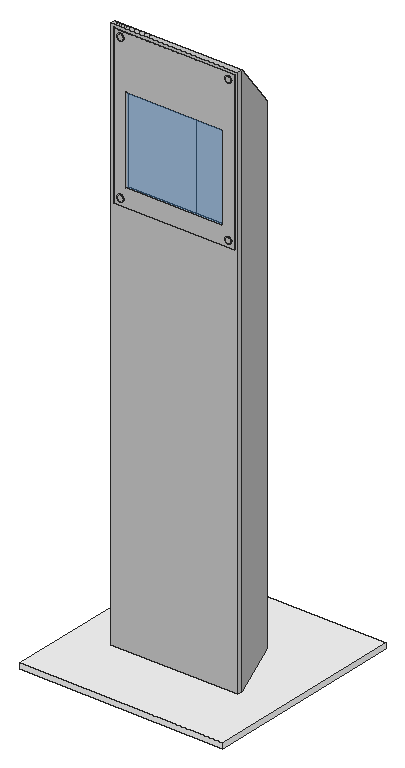
Revit family "BE_99560_de_DE", category Leuchten, Revit 2020
Family settings
  Basisbauteil = Fläche
  Bemaßung runder Anschluss = Durchmesser verwenden
  Teiletyp = Normal
  Beim Laden mit Abzugskörper schneiden = Ja
  Lichtquelle = Ja
  Gemeinsam genutzt = Nein
  Raumberechnungspunkt = Ja
Parameters (values of type "BEGA_99560_Silber_K4")
  built-in parameter 1150104 = 14.662 (stored number, unit not read)
  Wattage = 17.9 W
  Default Elevation = 0 mm
  built-in parameter 1150113 = 1 (stored number, unit not read)
  built-in parameter 1114218 = 1 (stored number, unit not read)
  Umgebungstemperatur = "25 °C"
  URL = "https://www.bega.com/de/produkt/99560"
  Typenkommentare = "© 2022 BEGA. Wir behalten uns das Recht vor, technische Änderungen ohne vorherige Ankündigung vorzunehmen."  # constant formula
  Type Image = 99560.png
  built-in parameter 1150134 = 12
  built-in parameter 1150109 = 1 (stored number, unit not read)
  Strom = ""
  built-in parameter 1150110 = 1 (stored number, unit not read)
  Spannung = 239.996 V
  Sonderanfertigung = no
  Seriennummer [instance] = "Hier können Sie die eindeutige Seriennummer für das Facility Management eintragen."
  Schutzklasse = "I"
  Schutzart = "IP 65"
  Scheinlast = 0 VA
  Produktdatenblatt = "https://cdn.bega.com/bega/products/99560K3/current/documents/data-sheets/de"
  Oberflächentemperatur = ""
  Neigungswinkel = 0.00°
  Modell = "99560AK4"
  Material_18 = BEGA_Gummi_schwarz
  Material_17 = BEGA_Reflektor
  Material_15 = BEGA_Leuchtmedium_matt
  Material_11 = BEGA_Glas_opal
  Material_10 = BEGA_Glas_matt
  Material_09 = BEGA_Glas_klar
  Material_06 = BEGA_Oberfläche_Edelstahl_gebürstet
  Material_03 = BEGA_Oberfläche_Weiss_matt
  Material_02 = BEGA_Oberfläche_Silber_matt
  Material_01 [instance] = BEGA_Oberfläche_Grafit_matt
  M_W = no
  M_G = no
  M_A = yes
  Logo = 0
  built-in parameter 1114217 = 1 (stored number, unit not read)
  built-in parameter 1150139 = (empty or 0)
  built-in parameter 1150105 = 224.8 (stored number, unit not read)
  built-in parameter 1150114 = 1 (stored number, unit not read)
  Lumens = 2824.98 lm
  built-in parameter 1150115 = 1 (stored number, unit not read)
  Leuchtenlichtstrom = "2043 lm"
  Leuchtenanzahl = ""
  Lebensdauerkriterien = "L70B50 @ 25 °C = 200000 h"
  Lastklassifizierung = Beleuchtung
  built-in parameter 1150112 = 1 (stored number, unit not read)
  Lampenlichtstrom = "3435 lm"
  Lampe = "LED 17.6 W"
  LED_Modulbezeichnung = "LED-0503/840"
  built-in parameter 1150142 = (empty or 0)
  Hersteller = "BEGA"  # constant formula
  Halbstreuwinkel = ""
  Gewicht = "9.3 kg"
  Gebrauchslageneinschränkung [instance] = ""
  Frequenz = "0/50-60 Hz"
  Farbwiedergabeindex = "CRI > 80"
  Farbtemperaturverschiebung bei Dämpfen der Lampe = <Keine Auswahl>
  Farbtemperatur = "4000 K"
  Farbfilter = 16777215
  Erdstück = no
  built-in parameter 1150133 = 10 (stored number, unit not read)
  Energieeffizienzklasse = "LED A++ - A"
  built-in parameter 1150137 = (empty or 0)
  built-in parameter 1150132 = (empty or 0)
  ENEC = "ja"
  Dimmbar [instance] = "DALI"
  Datei für fotometrisches Netz = "BE_99560K4.IES"
  CE_Konformität = "ja"
  Bestellnummer_Erdstück = if(Erdstück, "70895", "---")  # "---"
  Bestellnummer = "99560AK4"
  Beschreibung_Sonderanfertigung = "Hier können Sie Informationen zur Sonderanfertigung eintragen."
  Beschreibung = "Pollerleuchte"
  built-in parameter 1150106 = 2.248 (stored number, unit not read)
  Befestigungsbohrung = ""
  Befestigungsabstand = ""
  Ballwurfsicher = ""
  BEGA_Intern_aus = yes
  BEGA_Intern_an = yes
  BEGA_Intern_Konstruktion = yes
  BEGA_Intern = yes
  BEGA_IES = yes
  BEGA_Dummy = no
  Anschlussleitung = ""
  Anschlussleistung [instance] = "21.2 W"
  Anschlusskasten = ""
  built-in parameter 1150107 = 4000 (stored number, unit not read)
  built-in parameter 1150102 = (empty or 0)
  built-in parameter 1150138 = (empty or 0)
  Aktualisierung = "2022-05-20T04:00:08"
  Abstand_zur_angestrahlten_Fläche [instance] = ""
  AC/DC = "AC/DC"
Types (4, lengths in mm): name | built-in parameter 1150104 | built-in parameter 1150134 | Modell | M_G | M_A | built-in parameter 1150105 | Lumens | Leuchtenlichtstrom | Lampenlichtstrom | LED_Modulbezeichnung | Farbtemperatur | Datei für fotometrisches Netz | Bestellnummer | built-in parameter 1150106 | built-in parameter 1150107
  BEGA_99560_Grafit_K3 | 14.221 (stored number, unit not read) | (empty or 0) | "99560K3" | yes | no | 218.04 (stored number, unit not read) | 2739.95 lm | "1987 lm" | "3340 lm" | "LED-0503/830" | "3000 K" | "BE_99560K3.IES" | "99560K3" | 2.1804 (stored number, unit not read) | 3000 (stored number, unit not read)
  BEGA_99560_Grafit_K4 | 14.662 (stored number, unit not read) | 12 | "99560K4" | yes | no | 224.8 (stored number, unit not read) | 2824.98 lm | "2043 lm" | "3435 lm" | "LED-0503/840" | "4000 K" | "BE_99560K4.IES" | "99560K4" | 2.248 (stored number, unit not read) | 4000 (stored number, unit not read)
  BEGA_99560_Silber_K4 | 14.662 (stored number, unit not read) | 12 | "99560AK4" | no | yes | 224.8 (stored number, unit not read) | 2824.98 lm | "2043 lm" | "3435 lm" | "LED-0503/840" | "4000 K" | "BE_99560K4.IES" | "99560AK4" | 2.248 (stored number, unit not read) | 4000 (stored number, unit not read)
  BEGA_99560_Silber_K3 | 14.221 (stored number, unit not read) | (empty or 0) | "99560AK3" | no | yes | 218.04 (stored number, unit not read) | 2739.95 lm | "1987 lm" | "3340 lm" | "LED-0503/830" | "3000 K" | "BE_99560K3.IES" | "99560AK3" | 2.1804 (stored number, unit not read) | 3000 (stored number, unit not read)
Reference planes
  plane 1 "Mitte (Vorne/Hinten)": y = 0
  plane 2: z = 0
  plane 3 "Mitte (Links/Rechts)": x = 0
  plane 4 "Links": x = -125
  plane 5 "Rechts": x = 125
  plane 6 "Unten": y = -70
  plane 7 "Oben": y = 69.957
  plane 8 "Vorne": z = 1099.75
  plane 9 "Hinten": z = 0
Forms (mm)
  Extrusion 1, solid, material "BEGA_Platte_Weiss"
    sketch origin (0, -1119.2, 0) x (1, 0, 0) y (0, 1, 0)
      loop
        line (-200, 1319.2) -> (-200, 919.2) -> (200, 919.2) -> (200, 1319.2) -> (-200, 1319.2)
    from 0 to -10
  Extrusion 2, solid, material "BEGA_Dummy_matt", visible <- "BEGA_Dummy"
    sketch origin (80.095, -76.023, 0) x (1, 0, 0) y (0, 1, 0)
      loop
        line (-205.095, 145.98) -> (-205.095, 6.023) -> (44.905, 6.023) -> (44.905, 145.98) -> (-205.095, 145.98)
    from 0 to 1099.75
Dimensions and locks
  plane 1 "Mitte (Vorne/Hinten)" to Extrusion 1 = 200 mm
  aligned and locked: plane 2 to Extrusion 1
  aligned and locked: level to Extrusion 1
Nested families
  nested 1: "BE_99560" at (0, 0, 0), type "BE_99560"
Connectors
  electrical at (0, 0, 0), driven by "Lastklassifizierung", driven by "Spannung", driven by "Scheinlast"
    settings: index 1, voltage 239.996 V, apparent load 0 VA, apparent load phase1 0 VA, apparent load phase2 0 VA, apparent load phase3 0 VA, power factor 1, load classification "Beleuchtung", number of poles 1, system type 31, power factor state 1, is connector primary yes, connector utility no, sub classification motor no, connector description ""
Definition of nested family "BE_99560"
  Parameters (values of type "BE_99560")
    Default Elevation = 1 mm
    URL = "http://www.bega.de/de/produkt"
    Type Comments = "© 2015 BEGA. Wir behalten uns das Recht vor, technische Änderungen ohne vorherige Ankündigung vorzunehmen. "  # constant formula
    Type Image = (empty or 0)
    Material_18 = none
    Material_17 = none
    Material_15 = none
    Material_11 = none
    Material_10 = none
    Material_09 = none
    Material_06 = none
    Material_03 = none
    Material_02 = none
    Material_01 = none
    M_W = yes
    M_G = yes
    M_A = yes
    Länge_Platte = 400 mm  # constant formula
    Höhe_Platte = -10 mm  # constant formula
    Manufacturer = "BEGA"  # constant formula
    Breite_Platte = 200 mm  # constant formula
  Reference planes
    plane 1 "Mitte (Oben/Unten)": y = 0
    plane 2: z = 0
    plane 3 "Mitte (Links/Rechts)": x = 0
    plane 4: x = -125
    plane 5: x = 125
    plane 6: z = 1099.75
    plane 7: y = 69.957
    plane 8: y = -69.957
  Forms (mm)
    Extrusion 1, solid, detail levels medium
      sketch origin (0, 0, 0) x (1, 0, 0) y (0, 1, 0)
        loop
          line (-200, 100) -> (-200, -100) -> (200, -100) -> (200, 100) -> (-200, 100)
      from 0 to -10 <- "Höhe_Platte"
    Revolve 2, solid, material <- "Material_01", visible <- "M_G", detail levels medium+fine
      sketch origin (0, 0, 0) x (0, 1, 0) y (0, 0, 1)
        loop
          line (64.999, 0) -> (64.999, 5) -> (0, 5) -> (0, 0) -> (64.999, 0)
        axis (0, 0) -> (0, 5)
      angle from 0 to 360
    Extrusion 3, void
      sketch origin (0, 0, 0) x (1, 0, 0) y (0, 1, 0)
        loop
          arc (10.611, 37.027) -> (-0.007, 38.517) -> (-10.625, 37.023) r 38.517
          arc (-10.625, 37.023) -> (-13.028, 32.671) -> (-8.678, 30.263) r 3.517
          arc (-8.678, 30.263) -> (0, 31.483) -> (8.677, 30.263) r 31.483
          arc (8.677, 30.263) -> (13.029, 32.677) -> (10.611, 37.027) r 3.517
        loop
          arc (-30.55, -7.606) -> (-34.816, -5.056) -> (-37.373, -9.319) r 3.517
          arc (-37.373, -9.319) -> (-33.355, -19.262) -> (-26.752, -27.711) r 38.517
          arc (-26.752, -27.711) -> (-21.78, -27.619) -> (-21.869, -22.647) r 3.517
          arc (-21.869, -22.647) -> (-27.267, -15.737) -> (-30.55, -7.606) r 31.483
        loop
          arc (37.376, -9.31) -> (34.808, -5.053) -> (30.548, -7.616) r 3.517
          arc (30.548, -7.616) -> (27.264, -15.743) -> (21.866, -22.65) r 31.483
          arc (21.866, -22.65) -> (21.785, -27.622) -> (26.757, -27.707) r 3.517
          arc (26.757, -27.707) -> (33.36, -19.255) -> (37.376, -9.31) r 38.517
        loop
          arc (-12.536, -43.72) -> (-18.13, -46.827) -> (-15.014, -52.416) r 4.521
          arc (-15.014, -52.416) -> (0.001, -54.524) -> (15.016, -52.416) r 54.519
          arc (15.016, -52.416) -> (18.131, -46.826) -> (12.537, -43.719) r 4.521
          arc (12.537, -43.719) -> (0.001, -45.481) -> (-12.536, -43.72) r 45.489
        loop
          arc (44.131, 11.004) -> (49.615, 7.712) -> (52.902, 13.199) r 4.521
          arc (52.902, 13.199) -> (47.217, 27.266) -> (37.876, 39.221) r 54.52
          arc (37.876, 39.221) -> (31.483, 39.11) -> (31.594, 32.717) r 4.521
          arc (31.594, 32.717) -> (39.388, 22.741) -> (44.131, 11.004) r 45.489
        loop
          arc (-31.594, 32.716) -> (-31.486, 39.112) -> (-37.881, 39.216) r 4.521
          arc (-37.881, 39.216) -> (-47.218, 27.265) -> (-52.901, 13.204) r 54.519
          arc (-52.901, 13.204) -> (-49.619, 7.711) -> (-44.131, 11.002) r 4.521
          arc (-44.131, 11.002) -> (-39.388, 22.74) -> (-31.594, 32.716) r 45.489
        loop
          circle (0, 0) r 21.5
      from 0 to 8.574
    Extrusion 4, solid, material <- "Material_01", visible <- "M_G", detail levels medium+fine
      sketch origin (0, 0, 0) x (1, 0, 0) y (0, 1, 0)
        loop
          line (-125, -60.824) -> (-125, -70) -> (125, -70) -> (125, -60.828) -> (69.45, 70) -> (-69.45, 70) -> (-125, -60.824)
        loop
          line (-67.5, 67.7) -> (-121.7, -59.945) -> (-121.7, -66.7) -> (121.7, -66.7) -> (121.7, -59.945) -> (67.5, 67.7) -> (-67.5, 67.7)
      from 2 to 1099.75
    Extrusion 5, void
      sketch origin (0, 0, 0) x (0, 1, 0) y (0, 0, 1)
        loop
          line (-65, 1104.401) -> (75, 964.401) -> (75, 1104.401) -> (-65, 1104.401)
      from -133.772 to 134.901
    Extrusion 6, void
      sketch origin (0, 0, 0) x (1, 0, 0) y (0, 0, 1)
        loop
          line (-119, 783.882) -> (119, 783.882) -> (119, 1093.75) -> (-119, 1093.75) -> (-119, 783.882)
      from 60.824 to 80.304
    Extrusion 7, solid, material <- "Material_01", visible <- "M_G", detail levels medium+fine
      sketch origin (0, 0, 0) x (0, 1, 0) y (0, 0, 1)
        loop
          line (-60.349, 1099.75) -> (-68.677, 1099.75) -> (-68.677, 1096.398) -> (-60.824, 1096.398) -> (68.087, 967.487) -> (70, 969.401) -> (-60.349, 1099.75)
      from -125 to 125
    Extrusion 8, void
      sketch origin (0, 0, 0) x (1, 0, 0) y (0, 1, 0)
        loop
          line (-67.327, 75) -> (-129.45, 75) -> (-129.45, -71.304) -> (-67.327, 75)
        loop
          line (67.327, 75) -> (129.45, -71.304) -> (129.45, 75) -> (67.327, 75)
      from 934.807 to 1118.812
    Extrusion 9, solid, material <- "Material_01", visible <- "M_G", detail levels medium+fine
      sketch origin (0, 0, 0) x (1, 0, 0) y (0, 0, 1)
        loop
          line (-118.717, 784.161) -> (118.717, 784.161) -> (118.717, 1093.45) -> (-118.717, 1093.45) -> (-118.717, 784.161)
        loop
          line (-95.896, 987.715) -> (-95.896, 818.487) -> (95.896, 818.487) -> (95.896, 987.715) -> (-95.896, 987.715)
      from 64.232 to 70
    Extrusion 10, solid, material <- "Material_01", visible <- "M_G", detail levels medium+fine
      sketch origin (0, 0, 0) x (1, 0, 0) y (0, 1, 0)
        loop
          circle (0, 0) r 64.999
        loop
          line (-121.7, -59.945) -> (-121.7, -66.7) -> (121.7, -66.7) -> (121.7, -59.945) -> (67.5, 67.7) -> (-67.5, 67.7) -> (-121.7, -59.945)
      from 5 to 15.378
    Revolve 11, void
      sketch origin (0, 0, 0) x (0, 1, 0) y (0, 0, 1)
        loop
          line (70.24, 25.694) -> (66.535, 25.694) -> (66.535, 21.494) -> (70.24, 21.494) -> (70.24, 25.694)
        axis (70.24, 21.494) -> (66.535, 21.494)
      angle from 0 to 360
    Revolve 12, solid, material <- "Material_06", detail levels fine
      sketch origin (0, 0, 0) x (0, 1, 0) y (0, 0, 1)
        loop
          line (70.639, 25.494) -> (67.7, 25.494) -> (67.7, 21.494) -> (71.239, 21.494) -> (71.239, 24.894) -> (70.639, 25.494)
        axis (71.239, 21.494) -> (67.7, 21.494)
      angle from 0 to 360
    Extrusion 13, solid, material <- "Material_06", detail levels fine
      sketch origin (0, 0, 0) x (1, 0, 0) y (0, 0, 1)
        loop
          circle (-106.227, 1080.977) r 6
        loop
          circle (-106.227, 796.655) r 6
        loop
          circle (106.227, 1080.977) r 6
        loop
          circle (106.227, 796.655) r 6
      from 66.7 to 70
    Revolve 14, void
      sketch origin (-106.227, 0, 0) x (0, 1, 0) y (0, 0, 1)
        loop
          line (-66.3, 1083.827) -> (-70.517, 1088.043) -> (-70.517, 1080.977) -> (-66.3, 1080.977) -> (-66.3, 1083.827)
        axis (-70.517, 1080.977) -> (-66.3, 1080.977)
      angle from 0 to 360
    Revolve 15, void
      sketch origin (106.227, 0, 0) x (0, 1, 0) y (0, 0, -1)
        loop
          line (-66.3, -1083.827) -> (-66.3, -1080.977) -> (-70.517, -1080.977) -> (-70.517, -1088.043) -> (-66.3, -1083.827)
        axis (-70.517, -1080.977) -> (-66.3, -1080.977)
      angle from 0 to 360
    Revolve 16, void
      sketch origin (-106.227, 0, -284.322) x (0, 1, 0) y (0, 0, 1)
        loop
          line (-66.3, 1083.827) -> (-70.517, 1088.043) -> (-70.517, 1080.977) -> (-66.3, 1080.977) -> (-66.3, 1083.827)
        axis (-70.517, 1080.977) -> (-66.3, 1080.977)
      angle from 0 to 360
    Revolve 17, void
      sketch origin (106.227, 0, -284.322) x (0, 1, 0) y (0, 0, -1)
        loop
          line (-66.3, -1083.827) -> (-66.3, -1080.977) -> (-70.517, -1080.977) -> (-70.517, -1088.043) -> (-66.3, -1083.827)
        axis (-70.517, -1080.977) -> (-66.3, -1080.977)
      angle from 0 to 360
    Revolve 18, solid, material <- "Material_02", visible <- "M_A", detail levels medium+fine
      sketch origin (0, 0, 0) x (0, 1, 0) y (0, 0, 1)
        loop
          line (64.999, 0) -> (64.999, 5) -> (0, 5) -> (0, 0) -> (64.999, 0)
        axis (0, 0) -> (0, 5)
      angle from 0 to 360
    Extrusion 19, solid, material <- "Material_02", visible <- "M_A", detail levels medium+fine
      sketch origin (0, 0, 0) x (1, 0, 0) y (0, 1, 0)
        loop
          line (-125, -60.824) -> (-125, -70) -> (125, -70) -> (125, -60.828) -> (69.45, 70) -> (-69.45, 70) -> (-125, -60.824)
        loop
          line (-67.5, 67.7) -> (-121.7, -59.945) -> (-121.7, -66.7) -> (121.7, -66.7) -> (121.7, -59.945) -> (67.5, 67.7) -> (-67.5, 67.7)
      from 2 to 1099.75
    Extrusion 20, solid, material <- "Material_02", visible <- "M_A", detail levels medium+fine
      sketch origin (0, 0, 0) x (0, 1, 0) y (0, 0, 1)
        loop
          line (-60.349, 1099.75) -> (-68.677, 1099.75) -> (-68.677, 1096.398) -> (-60.824, 1096.398) -> (68.087, 967.487) -> (70, 969.401) -> (-60.349, 1099.75)
      from -125 to 125
    Extrusion 21, solid, material <- "Material_02", visible <- "M_A", detail levels medium+fine
      sketch origin (0, 0, 0) x (1, 0, 0) y (0, 1, 0)
        loop
          circle (0, 0) r 64.999
        loop
          line (-121.7, -59.945) -> (-121.7, -66.7) -> (121.7, -66.7) -> (121.7, -59.945) -> (67.5, 67.7) -> (-67.5, 67.7) -> (-121.7, -59.945)
      from 5 to 15.378
    Extrusion 22, void
      sketch origin (0, 0, 0) x (1, 0, 0) y (0, 1, 0)
        loop
          line (-67.327, 75) -> (-129.45, 75) -> (-129.45, -71.304) -> (-67.327, 75)
        loop
          line (67.327, 75) -> (129.45, -71.304) -> (129.45, 75) -> (67.327, 75)
      from 934.807 to 1118.812
    Extrusion 23, solid, material <- "Material_02", visible <- "M_A", detail levels medium+fine
      sketch origin (0, 0, 0) x (1, 0, 0) y (0, 0, 1)
        loop
          line (-118.717, 784.161) -> (118.717, 784.161) -> (118.717, 1093.45) -> (-118.717, 1093.45) -> (-118.717, 784.161)
        loop
          line (-95.896, 987.715) -> (-95.896, 818.487) -> (95.896, 818.487) -> (95.896, 987.715) -> (-95.896, 987.715)
      from 64.232 to 70
    Extrusion 24, solid, material <- "Material_10", detail levels medium+fine
      sketch origin (0, 0, 0) x (0, 1, 0) y (0, 0, 1)
        loop
          line (-61.973, 991.833) -> (-66.973, 991.833) -> (-66.973, 814.333) -> (-61.973, 814.333) -> (-61.973, 991.833)
      from -99.946 to 100
  Cuts and joins
    Extrusion 3 cuts Revolve 2
    Extrusion 5, Extrusion 6, Extrusion 8, Revolve 11, Extrusion 22 cuts Extrusion 4
    Extrusion 8, Revolve 11, Extrusion 22 cuts Extrusion 7
    Revolve 11, Extrusion 22 cuts Extrusion 10
    joined: Extrusion 4, Extrusion 7, Extrusion 10
    Revolve 14, Revolve 15, Revolve 16, Revolve 17 cuts Extrusion 9
    Extrusion 3 cuts Revolve 18
    Extrusion 5, Extrusion 6, Revolve 11, Extrusion 22 cuts Extrusion 19
    Extrusion 22 cuts Extrusion 20
    joined: Extrusion 19, Extrusion 20, Extrusion 21
    Revolve 14, Revolve 15, Revolve 16, Revolve 17 cuts Extrusion 23
  Dimensions and locks
    equal spacing: Extrusion 1 sketch curve, plane 3 "Mitte (Links/Rechts)", Extrusion 1 sketch curve
    equal spacing: Extrusion 1 sketch curve, plane 1 "Mitte (Oben/Unten)", Extrusion 1 sketch curve
    "Länge_Platte": Extrusion 1 sketch curve to Extrusion 1 sketch curve
    "Breite_Platte": Extrusion 1 sketch curve to Extrusion 1 sketch curve
    aligned and locked: Extrusion 1 to plane 2
    aligned and locked: level to Extrusion 1
  Automatic sketch dimensions
    Revolve 2 sketch curve to level = 0 mm
    Revolve 2 sketch curve to plane 1 "Mitte (Oben/Unten)" = 0 mm  (x2)
    level to Revolve 2 sketch curve = 5 mm
    Revolve 2 sketch curve to Revolve 2 sketch curve = 64.999 mm
    Revolve 2 sketch curve to Revolve 2 sketch curve = 2.25 mm
    Revolve 2 sketch curve to Revolve 2 sketch curve = 3.611 mm
    Extrusion 3 sketch curve to Extrusion 3 sketch curve = 0 mm  (x27)
    plane 1 "Mitte (Oben/Unten)" to Extrusion 3 sketch curve = 0 mm  (x2)
    Extrusion 3 sketch curve to plane 1 "Mitte (Oben/Unten)" = 12.096 mm
    Extrusion 3 sketch curve to plane 3 "Mitte (Links/Rechts)" = 48.518 mm
    Extrusion 3 sketch curve to Extrusion 3 sketch curve = 13.782 mm
    plane 1 "Mitte (Oben/Unten)" to Extrusion 3 sketch curve = 8.468 mm
    Extrusion 3 sketch curve to Extrusion 3 sketch curve = 14.557 mm  (x2)
    Extrusion 3 sketch curve to Extrusion 3 sketch curve = 9.648 mm
    Extrusion 3 sketch curve to plane 3 "Mitte (Links/Rechts)" = 13.782 mm
    Extrusion 3 sketch curve to plane 3 "Mitte (Links/Rechts)" = 9.648 mm
    Extrusion 3 sketch curve to plane 3 "Mitte (Links/Rechts)" = 0.007 mm
    Extrusion 3 sketch curve to plane 3 "Mitte (Links/Rechts)" = 0.004 mm
    plane 3 "Mitte (Links/Rechts)" to Extrusion 3 sketch curve = 0 mm  (x3)
    Extrusion 3 sketch curve to plane 1 "Mitte (Oben/Unten)" = 0 mm  (x2)
    plane 3 "Mitte (Links/Rechts)" to Extrusion 3 sketch curve = 0.004 mm
    plane 3 "Mitte (Links/Rechts)" to Extrusion 3 sketch curve = 0.007 mm
    plane 3 "Mitte (Links/Rechts)" to Extrusion 3 sketch curve = 9.647 mm
    plane 3 "Mitte (Links/Rechts)" to Extrusion 3 sketch curve = 13.783 mm
    plane 3 "Mitte (Links/Rechts)" to Extrusion 3 sketch curve = 24.314 mm
    plane 1 "Mitte (Oben/Unten)" to Extrusion 3 sketch curve = 8.467 mm
    Extrusion 3 sketch curve to Extrusion 3 sketch curve = 9.647 mm
    Extrusion 3 sketch curve to Extrusion 3 sketch curve = 25.088 mm
    Extrusion 3 sketch curve to plane 1 "Mitte (Oben/Unten)" = 12.098 mm
    Extrusion 3 sketch curve to Extrusion 3 sketch curve = 16.71 mm
    Extrusion 3 sketch curve to Extrusion 3 sketch curve = 16.709 mm
    Extrusion 3 sketch curve to Extrusion 3 sketch curve = 22.889 mm  (x2)
    Extrusion 3 sketch curve to Extrusion 3 sketch curve = 0.005 mm  (x2)
    plane 1 "Mitte (Oben/Unten)" to Extrusion 3 sketch curve = 0.004 mm  (x2)
    Extrusion 3 sketch curve to plane 1 "Mitte (Oben/Unten)" = 0.002 mm
    Extrusion 3 sketch curve to plane 1 "Mitte (Oben/Unten)" = 0.003 mm
    Extrusion 3 sketch curve to plane 1 "Mitte (Oben/Unten)" = 33.644 mm
    Extrusion 3 sketch curve to Extrusion 3 sketch curve = 2.324 mm
    Extrusion 3 sketch curve to Extrusion 3 sketch curve = 2.325 mm
    Extrusion 3 sketch curve to Extrusion 3 sketch curve = 4.383 mm
    Extrusion 3 sketch curve to Extrusion 3 sketch curve = 4.387 mm  (x2)
    Extrusion 3 sketch curve to Extrusion 3 sketch curve = 3.146 mm
    Extrusion 3 sketch curve to Extrusion 3 sketch curve = 3.413 mm  (x2)
    Extrusion 3 sketch curve to Extrusion 3 sketch curve = 3.141 mm  (x3)
    Extrusion 3 sketch curve to Extrusion 3 sketch curve = 3.41 mm
    Extrusion 3 sketch curve to Extrusion 3 sketch curve = 2.439 mm
    Extrusion 3 sketch curve to Extrusion 3 sketch curve = 2.443 mm  (x2)
    Extrusion 3 sketch curve to Extrusion 3 sketch curve = 1.233 mm
    Extrusion 3 sketch curve to Extrusion 3 sketch curve = 1.246 mm  (x2)
    Extrusion 3 sketch curve to Extrusion 3 sketch curve = 0.977 mm
    Extrusion 3 sketch curve to Extrusion 3 sketch curve = 0.97 mm
    Extrusion 3 sketch curve to Extrusion 3 sketch curve = 0.969 mm
    Extrusion 3 sketch curve to Extrusion 3 sketch curve = 0.964 mm
    Extrusion 3 sketch curve to Extrusion 3 sketch curve = 1.232 mm
    Extrusion 3 sketch curve to Extrusion 3 sketch curve = 2.447 mm
    Extrusion 3 sketch curve to Extrusion 3 sketch curve = 0.001 mm
    Extrusion 3 sketch curve to Extrusion 3 sketch curve = 3.415 mm
    Extrusion 3 sketch curve to Extrusion 3 sketch curve = 4.385 mm
    Extrusion 3 sketch curve to Extrusion 3 sketch curve = 0.843 mm
    Extrusion 3 sketch curve to Extrusion 3 sketch curve = 0.851 mm
    Extrusion 3 sketch curve to Extrusion 3 sketch curve = 2.527 mm
    Extrusion 3 sketch curve to Extrusion 3 sketch curve = 4.346 mm
    Extrusion 3 sketch curve to Extrusion 3 sketch curve = 1.094 mm
    Extrusion 3 sketch curve to Extrusion 3 sketch curve = 3.381 mm
    plane 1 "Mitte (Oben/Unten)" to Extrusion 4 sketch curve = 60.824 mm
    Extrusion 4 sketch curve to plane 3 "Mitte (Links/Rechts)" = 125 mm
    Extrusion 4 sketch curve to Extrusion 4 sketch curve = 3.3 mm  (x3)
    Extrusion 4 sketch curve to plane 3 "Mitte (Links/Rechts)" = 69.45 mm
    Extrusion 4 sketch curve to Extrusion 4 sketch curve = 1.95 mm  (x2)
    plane 3 "Mitte (Links/Rechts)" to Extrusion 4 sketch curve = 67.5 mm
    plane 3 "Mitte (Links/Rechts)" to Extrusion 4 sketch curve = 121.7 mm
    plane 1 "Mitte (Oben/Unten)" to Extrusion 4 sketch curve = 60.828 mm
    Extrusion 4 sketch curve to Extrusion 4 sketch curve = 5.876 mm
    Extrusion 4 sketch curve to Extrusion 4 sketch curve = 0.883 mm
    Extrusion 4 sketch curve to Extrusion 4 sketch curve = 0.879 mm
    Extrusion 4 sketch curve to plane 1 "Mitte (Oben/Unten)" = 67.7 mm
    Extrusion 4 sketch curve to Extrusion 4 sketch curve = 2.3 mm
    plane 1 "Mitte (Oben/Unten)" to Extrusion 5 sketch curve = 65 mm
    Extrusion 5 sketch curve to plane 1 "Mitte (Oben/Unten)" = 75 mm
    level to Extrusion 5 sketch curve = 964.401 mm
    Extrusion 5 sketch curve to Extrusion 5 sketch curve = 140 mm
    Extrusion 6 sketch curve to plane 3 "Mitte (Links/Rechts)" = 119 mm
    plane 3 "Mitte (Links/Rechts)" to Extrusion 6 sketch curve = 119 mm
    level to Extrusion 6 sketch curve = 783.882 mm
    Extrusion 6 sketch curve to Extrusion 6 sketch curve = 309.868 mm
    plane 1 "Mitte (Oben/Unten)" to Extrusion 7 sketch curve = 68.677 mm
    Extrusion 7 sketch curve to Extrusion 7 sketch curve = 7.852 mm
    Extrusion 7 sketch curve to Extrusion 7 sketch curve = 0.475 mm
    Extrusion 7 sketch curve to plane 1 "Mitte (Oben/Unten)" = 68.087 mm
    Extrusion 7 sketch curve to Extrusion 7 sketch curve = 1.913 mm  (x2)
    level to Extrusion 7 sketch curve = 967.487 mm
    Extrusion 8 sketch curve to plane 3 "Mitte (Links/Rechts)" = 129.45 mm
    Extrusion 8 sketch curve to Extrusion 8 sketch curve = 62.123 mm  (x2)
    plane 3 "Mitte (Links/Rechts)" to Extrusion 8 sketch curve = 67.327 mm
    plane 1 "Mitte (Oben/Unten)" to Extrusion 8 sketch curve = 71.304 mm  (x2)
    Extrusion 8 sketch curve to plane 1 "Mitte (Oben/Unten)" = 75 mm  (x2)
    plane 1 "Mitte (Oben/Unten)" to Extrusion 10 sketch curve = 0 mm
    Extrusion 10 sketch curve to plane 3 "Mitte (Links/Rechts)" = 0 mm
    Extrusion 10 sketch curve to plane 3 "Mitte (Links/Rechts)" = 67.5 mm
    plane 1 "Mitte (Oben/Unten)" to Extrusion 10 sketch curve = 59.945 mm  (x2)
    Extrusion 10 sketch curve to plane 3 "Mitte (Links/Rechts)" = 121.7 mm
    plane 3 "Mitte (Links/Rechts)" to Extrusion 10 sketch curve = 67.5 mm
    plane 3 "Mitte (Links/Rechts)" to Extrusion 10 sketch curve = 121.7 mm
    Extrusion 10 sketch curve to Extrusion 10 sketch curve = 6.755 mm
    Extrusion 10 sketch curve to plane 1 "Mitte (Oben/Unten)" = 67.7 mm
    level to Revolve 11 sketch curve = 25.694 mm
    Revolve 11 sketch curve to plane 1 "Mitte (Oben/Unten)" = 66.535 mm
    Revolve 11 sketch curve to Revolve 11 sketch curve = 3.705 mm
    Revolve 11 sketch curve to Revolve 11 sketch curve = 4.2 mm
    Revolve 11 sketch curve to Revolve 11 sketch curve = 0 mm  (x3)
    level to Revolve 12 sketch curve = 21.494 mm
    Revolve 12 sketch curve to plane 1 "Mitte (Oben/Unten)" = 67.7 mm
    Revolve 12 sketch curve to Revolve 12 sketch curve = 2.939 mm
    Revolve 12 sketch curve to Revolve 12 sketch curve = 0.6 mm  (x2)
    Revolve 12 sketch curve to Revolve 12 sketch curve = 3.4 mm
    Revolve 12 sketch curve to Revolve 12 sketch curve = 0 mm  (x3)
    Extrusion 13 sketch curve to plane 3 "Mitte (Links/Rechts)" = 106.227 mm  (x2)
    plane 3 "Mitte (Links/Rechts)" to Extrusion 13 sketch curve = 106.227 mm  (x2)
    level to Extrusion 13 sketch curve = 796.655 mm
    Extrusion 13 sketch curve to Extrusion 13 sketch curve = 0 mm  (x2)
    Extrusion 13 sketch curve to Extrusion 13 sketch curve = 284.322 mm
    plane 1 "Mitte (Oben/Unten)" to Revolve 14 sketch curve = 70.517 mm
    Revolve 14 sketch curve to Revolve 14 sketch curve = 4.217 mm  (x2)
    Revolve 14 sketch curve to Revolve 14 sketch curve = 0 mm  (x3)
    level to Revolve 14 sketch curve = 1080.977 mm
    Revolve 14 sketch curve to Revolve 14 sketch curve = 2.85 mm
    Revolve 14 sketch curve to Revolve 14 sketch curve = 0.517 mm
    plane 1 "Mitte (Oben/Unten)" to Revolve 15 sketch curve = 70.517 mm
    Revolve 15 sketch curve to Revolve 15 sketch curve = 4.217 mm  (x2)
    Revolve 15 sketch curve to Revolve 15 sketch curve = 0 mm  (x3)
    level to Revolve 15 sketch curve = 1088.043 mm
    Revolve 15 sketch curve to Revolve 15 sketch curve = 2.85 mm
    Revolve 15 sketch curve to Revolve 15 sketch curve = 0.517 mm
    plane 1 "Mitte (Oben/Unten)" to Revolve 16 sketch curve = 70.517 mm
    Revolve 16 sketch curve to Revolve 16 sketch curve = 4.217 mm  (x2)
    Revolve 16 sketch curve to Revolve 16 sketch curve = 0 mm  (x3)
    level to Revolve 16 sketch curve = 796.655 mm
    Revolve 16 sketch curve to Revolve 16 sketch curve = 2.85 mm
    Revolve 16 sketch curve to Revolve 16 sketch curve = 0.517 mm
    plane 1 "Mitte (Oben/Unten)" to Revolve 17 sketch curve = 70.517 mm
    Revolve 17 sketch curve to Revolve 17 sketch curve = 4.217 mm  (x2)
    Revolve 17 sketch curve to Revolve 17 sketch curve = 0 mm  (x3)
    level to Revolve 17 sketch curve = 803.722 mm
    Revolve 17 sketch curve to Revolve 17 sketch curve = 2.85 mm
    Revolve 17 sketch curve to Revolve 17 sketch curve = 0.517 mm
    Revolve 18 sketch curve to level = 0 mm
    Revolve 18 sketch curve to plane 1 "Mitte (Oben/Unten)" = 0 mm  (x2)
    level to Revolve 18 sketch curve = 5 mm
    Revolve 18 sketch curve to Revolve 18 sketch curve = 64.999 mm
    Revolve 18 sketch curve to Revolve 18 sketch curve = 2.25 mm
    Revolve 18 sketch curve to Revolve 18 sketch curve = 3.611 mm
    plane 1 "Mitte (Oben/Unten)" to Extrusion 19 sketch curve = 60.824 mm
    Extrusion 19 sketch curve to plane 3 "Mitte (Links/Rechts)" = 125 mm
    Extrusion 19 sketch curve to Extrusion 19 sketch curve = 3.3 mm  (x3)
    Extrusion 19 sketch curve to plane 3 "Mitte (Links/Rechts)" = 69.45 mm
    Extrusion 19 sketch curve to Extrusion 19 sketch curve = 1.95 mm  (x2)
    plane 3 "Mitte (Links/Rechts)" to Extrusion 19 sketch curve = 67.5 mm
    plane 3 "Mitte (Links/Rechts)" to Extrusion 19 sketch curve = 121.7 mm
    plane 1 "Mitte (Oben/Unten)" to Extrusion 19 sketch curve = 60.828 mm
    Extrusion 19 sketch curve to Extrusion 19 sketch curve = 5.876 mm
    Extrusion 19 sketch curve to Extrusion 19 sketch curve = 0.883 mm
    Extrusion 19 sketch curve to Extrusion 19 sketch curve = 0.879 mm
    Extrusion 19 sketch curve to plane 1 "Mitte (Oben/Unten)" = 67.7 mm
    Extrusion 19 sketch curve to Extrusion 19 sketch curve = 2.3 mm
    plane 1 "Mitte (Oben/Unten)" to Extrusion 20 sketch curve = 68.677 mm
    Extrusion 20 sketch curve to Extrusion 20 sketch curve = 7.852 mm
    Extrusion 20 sketch curve to Extrusion 20 sketch curve = 0.475 mm
    Extrusion 20 sketch curve to plane 1 "Mitte (Oben/Unten)" = 68.087 mm
    Extrusion 20 sketch curve to Extrusion 20 sketch curve = 1.913 mm  (x2)
    level to Extrusion 20 sketch curve = 967.487 mm
    plane 1 "Mitte (Oben/Unten)" to Extrusion 21 sketch curve = 0 mm
    Extrusion 21 sketch curve to plane 3 "Mitte (Links/Rechts)" = 0 mm
    Extrusion 21 sketch curve to plane 3 "Mitte (Links/Rechts)" = 67.5 mm
    plane 1 "Mitte (Oben/Unten)" to Extrusion 21 sketch curve = 59.945 mm  (x2)
    Extrusion 21 sketch curve to plane 3 "Mitte (Links/Rechts)" = 121.7 mm
    plane 3 "Mitte (Links/Rechts)" to Extrusion 21 sketch curve = 67.5 mm
    plane 3 "Mitte (Links/Rechts)" to Extrusion 21 sketch curve = 121.7 mm
    Extrusion 21 sketch curve to Extrusion 21 sketch curve = 6.755 mm
    Extrusion 21 sketch curve to plane 1 "Mitte (Oben/Unten)" = 67.7 mm
    Extrusion 22 sketch curve to plane 3 "Mitte (Links/Rechts)" = 129.45 mm
    Extrusion 22 sketch curve to Extrusion 22 sketch curve = 62.123 mm  (x2)
    plane 3 "Mitte (Links/Rechts)" to Extrusion 22 sketch curve = 67.327 mm
    plane 1 "Mitte (Oben/Unten)" to Extrusion 22 sketch curve = 71.304 mm  (x2)
    Extrusion 22 sketch curve to plane 1 "Mitte (Oben/Unten)" = 75 mm  (x2)
    plane 4 to Extrusion 23 sketch curve = 6.283 mm
    plane 4 to Extrusion 23 sketch curve = 29.104 mm
    plane 5 to Extrusion 23 sketch curve = 29.104 mm
    plane 5 to Extrusion 23 sketch curve = 6.283 mm
    plane 6 to Extrusion 23 sketch curve = 315.589 mm
    Extrusion 23 sketch curve to Extrusion 23 sketch curve = 34.326 mm
    plane 6 to Extrusion 23 sketch curve = 112.035 mm
    plane 6 to Extrusion 23 sketch curve = 6.3 mm
    plane 4 to Extrusion 9 sketch curve = 6.283 mm
    plane 4 to Extrusion 9 sketch curve = 29.104 mm
    plane 5 to Extrusion 9 sketch curve = 29.104 mm
    plane 5 to Extrusion 9 sketch curve = 6.283 mm
    plane 6 to Extrusion 9 sketch curve = 315.589 mm
    Extrusion 9 sketch curve to Extrusion 9 sketch curve = 34.326 mm
    plane 6 to Extrusion 9 sketch curve = 112.035 mm
    plane 6 to Extrusion 9 sketch curve = 6.3 mm
    Extrusion 24 sketch curve to plane 8 = 2.985 mm
    Extrusion 24 sketch curve to Extrusion 24 sketch curve = 5 mm
    plane 6 to Extrusion 24 sketch curve = 285.417 mm
    plane 6 to Extrusion 24 sketch curve = 107.917 mm
    radius of Extrusion 3 sketch curve = 21.5 mm
    radius of Extrusion 10 sketch curve = 64.999 mm
    radius of Extrusion 13 sketch curve = 6 mm  (x4)
    radius of Extrusion 21 sketch curve = 64.999 mm
